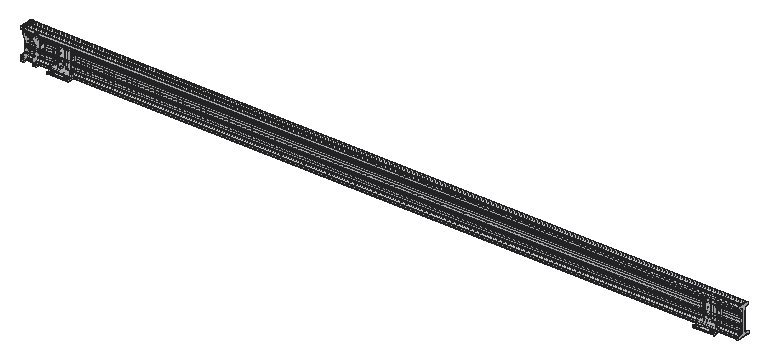
Revit family "Xbeam - 10m Beam + Brackets", category Structural Framing, Revit 2017
Family settings
  Structural Framing Length Roundoff = 0 mm
  Section Shape = Not Defined
  Material for Model Behavior = Other
  Always export as geometry = No
  Work Plane-Based = No
  Always vertical = Yes
  Cut with Voids When Loaded = No
  Symbolic Representation = From Family
  Shared = No
  Show family pre-cut in plan views = Yes
Parameters
  numero de pilares = 2  # constant formula
  Distancia maxima = (Min. Max. Primary Bearer Lenght - Min. Max. Portal spacing) - 432 mm  # 568 mm
  Min. Max. distancia a borde = if(Distancia a borde < 432 mm, 432 mm, if(Distancia a borde > Distancia maxima, Distancia maxima, Distancia a borde))  # 568 mm
  Min. Max. Primary Bearer Lenght = if(Primary Bearer Lenght < 2000 mm, 2000 mm, if(Primary Bearer Lenght > 10000 mm, 10000 mm, Primary Bearer Lenght))  # 10000 mm
  Min. Max. Portal spacing = if(Portal spacing < 500 mm, 500 mm, if(Portal spacing > (Min. Max. Primary Bearer Lenght - 1000 mm), (Min. Max. Primary Bearer Lenght - 1000 mm), Portal spacing))  # 9000 mm
  Primary Bearer Lenght = 10000 mm  # constant formula
  Portal spacing = 15000 mm
  Distancia a borde = 20000 mm
Reference planes
  plane 1 "Center (Front/Back)": y = 0
  plane 2: z = 0
  plane 3 "Center (Left/Right)": x = 0
  plane 4 "Primary Bearer Lenght": x = 10000
  plane 5: x = 1.6
  plane 6: x = 9998.4
  plane 7: x = 568
  plane 8: x = 9568
Forms (mm)
  Extrusion 1, solid
    sketch origin (0, 0, 17) x (0, 1, 0) y (0, 0, 1)
      loop
        line (-0.678, 34.308) -> (-62.78, 38.65)
        arc (-62.78, 38.65) -> (-63.292, 38.894) -> (-63.5, 39.423) r 0.774
        line (-63.5, 39.423) -> (-63.5, 43.996) -> (-64.144, 44.529) -> (-63.5, 45.004) -> (-63.5, 48.967) -> (-64.8, 47.667) -> (-64.8, 35.048) -> (-63.5, 35.048) -> (-63.5, 36.51)
        arc (-63.5, 36.51) -> (-63.296, 36.979) -> (-62.815, 37.149) r 0.64
        line (-62.815, 37.149) -> (-4.73, 33.087)
        arc (-4.73, 33.087) -> (-4.069, 32.772) -> (-3.8, 32.09) r 1
        arc (-3.8, 32.09) -> (-3.406, 30.553) -> (-2.323, 29.394) r 3.2
        arc (-2.323, 29.394) -> (-1.59, 29.462) -> (-1.474, 30.188) r 0.6
        arc (-1.474, 30.188) -> (-1.845, 30.564) -> (-2.359, 30.688) r 0.963
        arc (-2.359, 30.688) -> (-2.867, 31.704) -> (-2.446, 32.76) r 1.389
        arc (-2.446, 32.76) -> (-1.679, 32.934) -> (-1.174, 32.33) r 0.755
        arc (-1.174, 32.33) -> (-0.734, 31.492) -> (0, 32.091) r 0.611
        line (0, 32.091) -> (0, 33.581)
        arc (0, 33.581) -> (-0.196, 34.078) -> (-0.678, 34.308) r 0.728
    from 1.6 to 9998.4
  Extrusion 2, solid
    sketch origin (0, 0, 17) x (0, 1, 0) y (0, 0, 1)
      loop
        line (-3, 2.8) -> (-12.75, 2.8) -> (-52.43, 2.8)
        arc (-52.43, 2.8) -> (-53.23, 3.6) -> (-54.03, 2.8) r 0.8
        line (-54.03, 2.8) -> (-63.5, 2.8) -> (-63.5, 3.946) -> (-64.119, 4.656) -> (-63.5, 5.677) -> (-63.5, 6.477) -> (-64.03, 7.085) -> (-63.5, 7.684) -> (-63.5, 8.977) -> (-64.03, 9.585) -> (-63.5, 10.184) -> (-63.5, 11.477) -> (-64.03, 12.085) -> (-63.5, 12.684) -> (-63.5, 13.977) -> (-64.03, 14.585) -> (-63.5, 15.184) -> (-63.5, 16.477) -> (-64.03, 17.085) -> (-63.5, 17.684) -> (-63.5, 18.977) -> (-64.03, 19.585) -> (-63.5, 20.184) -> (-63.5, 21.477) -> (-64.03, 22.085) -> (-63.5, 22.684) -> (-63.5, 23.977) -> (-64.03, 24.585) -> (-63.5, 25.184) -> (-63.5, 26.477) -> (-64.03, 27.085) -> (-63.5, 27.684) -> (-63.5, 34.299)
        arc (-63.5, 34.299) -> (-63.93, 34.702) -> (-64.5, 34.848) r 1.185
        arc (-64.5, 34.848) -> (-64.854, 34.995) -> (-65, 35.348) r 0.5
        line (-65, 35.348) -> (-65, 37.776) -> (-65.5, 39.274) -> (-65.5, 41.598) -> (-65, 42.921) -> (-65, 47.75) -> (-63.5, 49.25) -> (-63.5, 50.051) -> (-65.5, 50.051) -> (-65.5, 138.65)
        arc (-65.5, 138.65) -> (-66.063, 139.383) -> (-66.917, 139.029) r 0.759
        line (-66.917, 139.029) -> (-68.3, 136.633) -> (-68.3, 132.637) -> (-67.766, 132.042) -> (-68.3, 131.439) -> (-68.3, 130.127) -> (-67.766, 129.531) -> (-68.3, 128.928) -> (-68.3, 127.616) -> (-67.766, 127.02) -> (-68.3, 126.417) -> (-68.3, 125.105) -> (-67.766, 124.509) -> (-68.3, 123.907) -> (-68.3, 122.594) -> (-67.766, 121.999) -> (-68.3, 121.396) -> (-68.3, 120.083) -> (-67.766, 119.488) -> (-68.3, 118.885) -> (-68.3, 117.573) -> (-67.766, 116.977) -> (-68.3, 116.374) -> (-68.3, 115.062) -> (-67.766, 114.466) -> (-68.3, 113.863) -> (-68.3, 111.84) -> (-68.8, 110.926) -> (-68.8, 107.393)
        arc (-68.8, 107.393) -> (-69.023, 106.856) -> (-69.56, 106.633) r 0.76
        line (-69.56, 106.633) -> (-75.665, 106.633)
        arc (-75.665, 106.633) -> (-76.156, 106.8) -> (-76.445, 107.232) r 0.808
        line (-76.445, 107.232) -> (-77.686, 111.864)
        arc (-77.686, 111.864) -> (-78.057, 112.419) -> (-78.688, 112.633) r 1.037
        line (-78.688, 112.633) -> (-91.978, 112.633)
        arc (-91.978, 112.633) -> (-92.983, 113.05) -> (-93.4, 114.055) r 1.422
        line (-93.4, 114.055) -> (-93.4, 139.541)
        arc (-93.4, 139.541) -> (-93.158, 140.125) -> (-92.574, 140.367) r 0.826
        line (-92.574, 140.367) -> (-90.789, 140.367)
        arc (-90.789, 140.367) -> (-90.313, 140.206) -> (-90.034, 139.788) r 0.781
        line (-90.034, 139.788) -> (-89.654, 138.368)
        arc (-89.654, 138.368) -> (-88.306, 137.59) -> (-87.529, 138.938) r 1.1
        line (-87.529, 138.938) -> (-88.428, 142.292)
        arc (-88.428, 142.292) -> (-88.705, 142.707) -> (-89.177, 142.867) r 0.776
        line (-89.177, 142.867) -> (-95.38, 142.867)
        arc (-95.38, 142.867) -> (-95.96, 142.627) -> (-96.2, 142.047) r 0.82
        line (-96.2, 142.047) -> (-96.2, 136.131) -> (-95.666, 135.536) -> (-96.2, 134.933) -> (-96.2, 133.62) -> (-95.666, 133.025) -> (-96.2, 132.422) -> (-96.2, 131.11) -> (-95.666, 130.514) -> (-96.2, 129.911) -> (-96.2, 128.599) -> (-95.666, 128.003) -> (-96.2, 127.4) -> (-96.2, 126.088) -> (-95.666, 125.492) -> (-96.2, 124.89) -> (-96.2, 123.577) -> (-95.666, 122.982) -> (-96.2, 122.379) -> (-96.2, 121.066) -> (-95.666, 120.471) -> (-96.2, 119.868) -> (-96.2, 118.556) -> (-95.666, 117.96) -> (-96.2, 117.357) -> (-96.2, 115.574) -> (-96.7, 114.708) -> (-96.7, 112.265)
        arc (-96.7, 112.265) -> (-96.763, 111.784) -> (-96.949, 111.335) r 1.86
        line (-96.949, 111.335) -> (-99.092, 107.625)
        arc (-99.092, 107.625) -> (-99.396, 106.889) -> (-99.5, 106.101) r 3.048
        line (-99.5, 106.101) -> (-99.5, 76.404) -> (-99.5, 50.051) -> (-101.5, 50.051) -> (-101.5, 49.25) -> (-100, 47.75) -> (-100, 42.921) -> (-99.5, 41.598) -> (-99.5, 39.274) -> (-100, 37.776) -> (-100, 35.348)
        arc (-100, 35.348) -> (-100.146, 34.995) -> (-100.5, 34.848) r 0.5
        arc (-100.5, 34.848) -> (-101.07, 34.702) -> (-101.5, 34.299) r 1.185
        line (-101.5, 34.299) -> (-101.5, 27.684) -> (-100.97, 27.085) -> (-101.5, 26.477) -> (-101.5, 25.184) -> (-100.97, 24.585) -> (-101.5, 23.977) -> (-101.5, 22.684) -> (-100.97, 22.085) -> (-101.5, 21.477) -> (-101.5, 20.184) -> (-100.97, 19.585) -> (-101.5, 18.977) -> (-101.5, 17.684) -> (-100.97, 17.085) -> (-101.5, 16.477) -> (-101.5, 15.184) -> (-100.97, 14.585) -> (-101.5, 13.977) -> (-101.5, 12.684) -> (-100.97, 12.085) -> (-101.5, 11.477) -> (-101.5, 10.184) -> (-100.97, 9.585) -> (-101.5, 8.977) -> (-101.5, 7.684) -> (-100.97, 7.085) -> (-101.5, 6.477) -> (-101.5, 5.677) -> (-100.881, 4.656) -> (-101.5, 3.946) -> (-101.5, 2.8) -> (-110.97, 2.8)
        arc (-110.97, 2.8) -> (-111.77, 3.6) -> (-112.57, 2.8) r 0.8
        line (-112.57, 2.8) -> (-152.25, 2.8) -> (-162, 2.8) -> (-162, 3.946) -> (-162.53, 4.554) -> (-162, 5.154) -> (-162, 6.446) -> (-162.53, 7.054) -> (-162, 7.654) -> (-162, 8.946) -> (-162.53, 9.554) -> (-162, 10.154) -> (-162, 11.446) -> (-162.53, 12.054) -> (-162, 12.654) -> (-162, 13.946) -> (-162.53, 14.554) -> (-162, 15.154) -> (-162, 16.446) -> (-162.53, 17.054) -> (-162, 17.654) -> (-162, 18.946) -> (-162.53, 19.554) -> (-162, 20.154) -> (-162, 21.446) -> (-162.53, 22.054) -> (-162, 22.654) -> (-162, 23.946) -> (-162.53, 24.554) -> (-162, 25.154) -> (-162, 26.446) -> (-162.53, 27.054) -> (-162, 27.654) -> (-162, 29.252) -> (-163.328, 29.252)
        arc (-163.328, 29.252) -> (-163.666, 29.906) -> (-163.302, 30.547) r 0.774
        line (-163.302, 30.547) -> (-162.484, 31.394)
        arc (-162.484, 31.394) -> (-162.779, 32.384) -> (-163.721, 31.959) r 0.686
        arc (-163.721, 31.959) -> (-163.957, 31.596) -> (-164.352, 31.418) r 0.774
        arc (-164.352, 31.418) -> (-164.815, 31.166) -> (-165, 30.671) r 0.754
        line (-165, 30.671) -> (-165, 1.941)
        arc (-165, 1.941) -> (-164.431, 0.569) -> (-163.059, 0) r 1.941
        line (-163.059, 0) -> (-82.904, 0) -> (-1.941, 0)
        arc (-1.941, 0) -> (-0.569, 0.569) -> (0, 1.941) r 1.941
        line (0, 1.941) -> (0, 30.671)
        arc (0, 30.671) -> (-0.185, 31.166) -> (-0.648, 31.418) r 0.754
        arc (-0.648, 31.418) -> (-1.043, 31.596) -> (-1.279, 31.959) r 0.774
        arc (-1.279, 31.959) -> (-2.221, 32.384) -> (-2.516, 31.394) r 0.686
        line (-2.516, 31.394) -> (-1.698, 30.547)
        arc (-1.698, 30.547) -> (-1.334, 29.906) -> (-1.672, 29.252) r 0.774
        line (-1.672, 29.252) -> (-3, 29.252) -> (-3, 27.654) -> (-2.47, 27.054) -> (-3, 26.446) -> (-3, 25.154) -> (-2.47, 24.554) -> (-3, 23.946) -> (-3, 22.654) -> (-2.47, 22.054) -> (-3, 21.446) -> (-3, 20.154) -> (-2.47, 19.554) -> (-3, 18.946) -> (-3, 17.654) -> (-2.47, 17.054) -> (-3, 16.446) -> (-3, 15.154) -> (-2.47, 14.554) -> (-3, 13.946) -> (-3, 12.654) -> (-2.47, 12.054) -> (-3, 11.446) -> (-3, 10.154) -> (-2.47, 9.554) -> (-3, 8.946) -> (-3, 7.654) -> (-2.47, 7.054) -> (-3, 6.446) -> (-3, 5.154) -> (-2.47, 4.554) -> (-3, 3.946) -> (-3, 2.8)
      loop
        line (-67.9, 27.587) -> (-68.5, 35.109) -> (-68.5, 63.008)
        arc (-68.5, 63.008) -> (-68.791, 63.709) -> (-69.492, 64) r 0.992
        line (-69.492, 64) -> (-82.904, 64) -> (-95.508, 64)
        arc (-95.508, 64) -> (-96.209, 63.709) -> (-96.5, 63.008) r 0.992
        line (-96.5, 63.008) -> (-96.5, 35.109) -> (-97.1, 27.587) -> (-97.1, 7.002)
        arc (-97.1, 7.002) -> (-96.514, 5.586) -> (-95.098, 5) r 2.002
        line (-95.098, 5) -> (-82.904, 5) -> (-69.902, 5)
        arc (-69.902, 5) -> (-68.486, 5.586) -> (-67.9, 7.002) r 2.002
        line (-67.9, 7.002) -> (-67.9, 27.587)
      loop
        arc (-69.219, 68) -> (-68.569, 68.269) -> (-68.3, 68.919) r 0.919
        line (-68.3, 68.919) -> (-68.3, 102.183)
        arc (-68.3, 102.183) -> (-68.725, 103.208) -> (-69.75, 103.633) r 1.45
        line (-69.75, 103.633) -> (-76.753, 103.633)
        arc (-76.753, 103.633) -> (-78.208, 104.127) -> (-79.061, 105.404) r 2.39
        line (-79.061, 105.404) -> (-79.901, 108.538)
        arc (-79.901, 108.538) -> (-80.429, 109.328) -> (-81.328, 109.633) r 1.478
        line (-81.328, 109.633) -> (-93.935, 109.633)
        arc (-93.935, 109.633) -> (-94.597, 109.456) -> (-95.081, 108.972) r 1.322
        line (-95.081, 108.972) -> (-96.462, 106.58)
        arc (-96.462, 106.58) -> (-96.639, 106.151) -> (-96.7, 105.691) r 1.778
        line (-96.7, 105.691) -> (-96.7, 68.919)
        arc (-96.7, 68.919) -> (-96.431, 68.269) -> (-95.781, 68) r 0.919
        line (-95.781, 68) -> (-82.904, 68) -> (-69.219, 68)
    from 1.6 to 9998.4
  Extrusion 3, solid
    sketch origin (0, -165, 17) x (0, -1, 0) y (0, 0, -1)
      loop
        arc (-0.678, -34.308) -> (-0.196, -34.078) -> (0, -33.581) r 0.728
        line (0, -33.581) -> (0, -32.091)
        arc (0, -32.091) -> (-0.734, -31.492) -> (-1.174, -32.33) r 0.611
        arc (-1.174, -32.33) -> (-1.679, -32.934) -> (-2.446, -32.76) r 0.755
        arc (-2.446, -32.76) -> (-2.867, -31.704) -> (-2.359, -30.688) r 1.389
        arc (-2.359, -30.688) -> (-1.845, -30.564) -> (-1.474, -30.188) r 0.963
        arc (-1.474, -30.188) -> (-1.59, -29.462) -> (-2.323, -29.394) r 0.6
        arc (-2.323, -29.394) -> (-3.406, -30.553) -> (-3.8, -32.09) r 3.2
        arc (-3.8, -32.09) -> (-4.069, -32.772) -> (-4.73, -33.087) r 1
        line (-4.73, -33.087) -> (-62.815, -37.149)
        arc (-62.815, -37.149) -> (-63.296, -36.979) -> (-63.5, -36.51) r 0.64
        line (-63.5, -36.51) -> (-63.5, -35.048) -> (-64.8, -35.048) -> (-64.8, -47.667) -> (-63.5, -48.967) -> (-63.5, -45.004) -> (-64.144, -44.529) -> (-63.5, -43.996) -> (-63.5, -39.423)
        arc (-63.5, -39.423) -> (-63.292, -38.894) -> (-62.78, -38.65) r 0.774
        line (-62.78, -38.65) -> (-0.678, -34.308)
    from 1.6 to 9998.4
  Extrusion 4, solid
    sketch origin (0, 0, 17) x (0, 1, 0) y (0, 0, 1)
      loop
        arc (-68.391, 220.994) -> (-68.7, 221.74) -> (-69.447, 222.049) r 1.056
        line (-69.447, 222.049) -> (-82.904, 222.049) -> (-95.549, 222.049)
        arc (-95.549, 222.049) -> (-96.293, 221.741) -> (-96.601, 220.997) r 1.053
        line (-96.601, 220.997) -> (-96.601, 178.712)
        arc (-96.601, 178.712) -> (-96.334, 178.067) -> (-95.689, 177.8) r 0.912
        line (-95.689, 177.8) -> (-69.32, 177.8)
        arc (-69.32, 177.8) -> (-68.663, 178.072) -> (-68.391, 178.729) r 0.929
        line (-68.391, 178.729) -> (-68.391, 220.994)
      loop
        line (-65.5, 143.899) -> (-65.5, 288.579)
        arc (-65.5, 288.579) -> (-66.063, 289.312) -> (-66.917, 288.959) r 0.759
        line (-66.917, 288.959) -> (-68.3, 286.562) -> (-68.3, 282.567) -> (-67.766, 281.971) -> (-68.3, 281.368) -> (-68.3, 280.056) -> (-67.766, 279.46) -> (-68.3, 278.858) -> (-68.3, 277.545) -> (-67.766, 276.95) -> (-68.3, 276.347) -> (-68.3, 275.034) -> (-67.766, 274.439) -> (-68.3, 273.836) -> (-68.3, 272.524) -> (-67.766, 271.928) -> (-68.3, 271.325) -> (-68.3, 270.013) -> (-67.766, 269.417) -> (-68.3, 268.814) -> (-68.3, 267.502) -> (-67.766, 266.906) -> (-68.3, 266.304) -> (-68.3, 264.991) -> (-67.766, 264.396) -> (-68.3, 263.793) -> (-68.3, 261.769) -> (-68.8, 260.855) -> (-68.8, 257.322)
        arc (-68.8, 257.322) -> (-69.023, 256.785) -> (-69.56, 256.562) r 0.76
        line (-69.56, 256.562) -> (-75.665, 256.562)
        arc (-75.665, 256.562) -> (-76.156, 256.729) -> (-76.445, 257.161) r 0.808
        line (-76.445, 257.161) -> (-77.686, 261.793)
        arc (-77.686, 261.793) -> (-78.057, 262.348) -> (-78.688, 262.562) r 1.037
        line (-78.688, 262.562) -> (-91.978, 262.562)
        arc (-91.978, 262.562) -> (-92.983, 262.979) -> (-93.4, 263.984) r 1.422
        line (-93.4, 263.984) -> (-93.4, 289.47)
        arc (-93.4, 289.47) -> (-93.158, 290.054) -> (-92.574, 290.296) r 0.826
        line (-92.574, 290.296) -> (-90.789, 290.296)
        arc (-90.789, 290.296) -> (-90.313, 290.135) -> (-90.034, 289.717) r 0.781
        line (-90.034, 289.717) -> (-89.654, 288.297)
        arc (-89.654, 288.297) -> (-88.306, 287.52) -> (-87.529, 288.867) r 1.1
        line (-87.529, 288.867) -> (-88.428, 292.221)
        arc (-88.428, 292.221) -> (-88.705, 292.636) -> (-89.177, 292.796) r 0.776
        line (-89.177, 292.796) -> (-95.38, 292.796)
        arc (-95.38, 292.796) -> (-95.96, 292.556) -> (-96.2, 291.976) r 0.82
        line (-96.2, 291.976) -> (-96.2, 286.061) -> (-95.666, 285.465) -> (-96.2, 284.862) -> (-96.2, 283.55) -> (-95.666, 282.954) -> (-96.2, 282.351) -> (-96.2, 281.039) -> (-95.666, 280.443) -> (-96.2, 279.841) -> (-96.2, 278.528) -> (-95.666, 277.933) -> (-96.2, 277.33) -> (-96.2, 276.017) -> (-95.666, 275.422) -> (-96.2, 274.819) -> (-96.2, 273.507) -> (-95.666, 272.911) -> (-96.2, 272.308) -> (-96.2, 270.996) -> (-95.666, 270.4) -> (-96.2, 269.797) -> (-96.2, 268.485) -> (-95.666, 267.889) -> (-96.2, 267.287) -> (-96.2, 265.503) -> (-96.7, 264.637) -> (-96.7, 262.195)
        arc (-96.7, 262.195) -> (-96.763, 261.713) -> (-96.949, 261.265) r 1.86
        line (-96.949, 261.265) -> (-99.092, 257.554)
        arc (-99.092, 257.554) -> (-99.396, 256.819) -> (-99.5, 256.03) r 3.048
        line (-99.5, 256.03) -> (-99.5, 226.333) -> (-99.5, 199.98) -> (-99.5, 111.35)
        arc (-99.5, 111.35) -> (-98.937, 110.617) -> (-98.083, 110.971) r 0.759
        line (-98.083, 110.971) -> (-96.7, 113.367) -> (-96.7, 117.363) -> (-97.234, 117.958) -> (-96.7, 118.561) -> (-96.7, 119.873) -> (-97.234, 120.469) -> (-96.7, 121.072) -> (-96.7, 122.384) -> (-97.234, 122.98) -> (-96.7, 123.583) -> (-96.7, 124.895) -> (-97.234, 125.491) -> (-96.7, 126.093) -> (-96.7, 127.406) -> (-97.234, 128.001) -> (-96.7, 128.604) -> (-96.7, 129.917) -> (-97.234, 130.512) -> (-96.7, 131.115) -> (-96.7, 132.427) -> (-97.234, 133.023) -> (-96.7, 133.626) -> (-96.7, 134.938) -> (-97.234, 135.534) -> (-96.7, 136.137) -> (-96.7, 138.16) -> (-96.2, 139.074) -> (-96.2, 142.607)
        arc (-96.2, 142.607) -> (-95.977, 143.144) -> (-95.44, 143.367) r 0.76
        line (-95.44, 143.367) -> (-89.335, 143.367)
        arc (-89.335, 143.367) -> (-88.844, 143.2) -> (-88.555, 142.768) r 0.808
        line (-88.555, 142.768) -> (-87.314, 138.136)
        arc (-87.314, 138.136) -> (-86.943, 137.581) -> (-86.312, 137.367) r 1.037
        line (-86.312, 137.367) -> (-73.022, 137.367)
        arc (-73.022, 137.367) -> (-72.017, 136.95) -> (-71.6, 135.945) r 1.422
        line (-71.6, 135.945) -> (-71.6, 110.459)
        arc (-71.6, 110.459) -> (-71.842, 109.875) -> (-72.426, 109.633) r 0.826
        line (-72.426, 109.633) -> (-74.211, 109.633)
        arc (-74.211, 109.633) -> (-74.687, 109.794) -> (-74.966, 110.212) r 0.781
        line (-74.966, 110.212) -> (-75.346, 111.632)
        arc (-75.346, 111.632) -> (-76.694, 112.41) -> (-77.471, 111.062) r 1.1
        line (-77.471, 111.062) -> (-76.572, 107.708)
        arc (-76.572, 107.708) -> (-76.295, 107.293) -> (-75.823, 107.133) r 0.776
        line (-75.823, 107.133) -> (-69.62, 107.133)
        arc (-69.62, 107.133) -> (-69.04, 107.373) -> (-68.8, 107.953) r 0.82
        line (-68.8, 107.953) -> (-68.8, 113.869) -> (-69.334, 114.464) -> (-68.8, 115.067) -> (-68.8, 116.38) -> (-69.334, 116.975) -> (-68.8, 117.578) -> (-68.8, 118.89) -> (-69.334, 119.486) -> (-68.8, 120.089) -> (-68.8, 121.401) -> (-69.334, 121.997) -> (-68.8, 122.6) -> (-68.8, 123.912) -> (-69.334, 124.508) -> (-68.8, 125.11) -> (-68.8, 126.423) -> (-69.334, 127.018) -> (-68.8, 127.621) -> (-68.8, 128.934) -> (-69.334, 129.529) -> (-68.8, 130.132) -> (-68.8, 131.444) -> (-69.334, 132.04) -> (-68.8, 132.643) -> (-68.8, 134.426) -> (-68.3, 135.292) -> (-68.3, 137.735)
        arc (-68.3, 137.735) -> (-68.237, 138.216) -> (-68.051, 138.665) r 1.86
        line (-68.051, 138.665) -> (-65.908, 142.375)
        arc (-65.908, 142.375) -> (-65.604, 143.111) -> (-65.5, 143.899) r 3.048
      loop
        arc (-69.219, 226) -> (-68.569, 226.269) -> (-68.3, 226.919) r 0.919
        line (-68.3, 226.919) -> (-68.3, 252.112)
        arc (-68.3, 252.112) -> (-68.725, 253.138) -> (-69.75, 253.562) r 1.45
        line (-69.75, 253.562) -> (-76.753, 253.562)
        arc (-76.753, 253.562) -> (-78.208, 254.056) -> (-79.061, 255.334) r 2.39
        line (-79.061, 255.334) -> (-79.901, 258.467)
        arc (-79.901, 258.467) -> (-80.429, 259.257) -> (-81.328, 259.562) r 1.478
        line (-81.328, 259.562) -> (-93.935, 259.562)
        arc (-93.935, 259.562) -> (-94.597, 259.385) -> (-95.081, 258.901) r 1.322
        line (-95.081, 258.901) -> (-96.462, 256.509)
        arc (-96.462, 256.509) -> (-96.639, 256.08) -> (-96.7, 255.62) r 1.778
        line (-96.7, 255.62) -> (-96.7, 226.919)
        arc (-96.7, 226.919) -> (-96.431, 226.269) -> (-95.781, 226) r 0.919
        line (-95.781, 226) -> (-82.904, 226) -> (-69.219, 226)
      loop
        arc (-95.743, 174) -> (-96.42, 173.72) -> (-96.7, 173.043) r 0.957
        line (-96.7, 173.043) -> (-96.7, 147.817)
        arc (-96.7, 147.817) -> (-96.275, 146.792) -> (-95.25, 146.367) r 1.45
        line (-95.25, 146.367) -> (-88.247, 146.367)
        arc (-88.247, 146.367) -> (-86.792, 145.873) -> (-85.939, 144.596) r 2.39
        line (-85.939, 144.596) -> (-85.099, 141.462)
        arc (-85.099, 141.462) -> (-84.571, 140.672) -> (-83.672, 140.367) r 1.478
        line (-83.672, 140.367) -> (-71.065, 140.367)
        arc (-71.065, 140.367) -> (-70.403, 140.544) -> (-69.919, 141.028) r 1.322
        line (-69.919, 141.028) -> (-68.538, 143.42)
        arc (-68.538, 143.42) -> (-68.361, 143.849) -> (-68.3, 144.309) r 1.778
        line (-68.3, 144.309) -> (-68.3, 173.025)
        arc (-68.3, 173.025) -> (-68.586, 173.714) -> (-69.275, 174) r 0.975
        line (-69.275, 174) -> (-95.743, 174)
    from 1.6 to 9998.4
  Extrusion 5, solid
    sketch origin (0, 0, 417) x (0, 1, 0) y (0, 0, 1)
      loop
        arc (-0.678, -34.308) -> (-0.196, -34.078) -> (0, -33.581) r 0.728
        line (0, -33.581) -> (0, -32.091)
        arc (0, -32.091) -> (-0.734, -31.492) -> (-1.174, -32.33) r 0.611
        arc (-1.174, -32.33) -> (-1.679, -32.934) -> (-2.446, -32.76) r 0.755
        arc (-2.446, -32.76) -> (-2.867, -31.704) -> (-2.359, -30.688) r 1.389
        arc (-2.359, -30.688) -> (-1.845, -30.564) -> (-1.474, -30.188) r 0.963
        arc (-1.474, -30.188) -> (-1.59, -29.462) -> (-2.323, -29.394) r 0.6
        arc (-2.323, -29.394) -> (-3.406, -30.553) -> (-3.8, -32.09) r 3.2
        arc (-3.8, -32.09) -> (-4.069, -32.772) -> (-4.73, -33.087) r 1
        line (-4.73, -33.087) -> (-62.815, -37.149)
        arc (-62.815, -37.149) -> (-63.296, -36.979) -> (-63.5, -36.51) r 0.64
        line (-63.5, -36.51) -> (-63.5, -35.048) -> (-64.8, -35.048) -> (-64.8, -47.667) -> (-63.5, -48.967) -> (-63.5, -45.004) -> (-64.144, -44.529) -> (-63.5, -43.996) -> (-63.5, -39.423)
        arc (-63.5, -39.423) -> (-63.292, -38.894) -> (-62.78, -38.65) r 0.774
        line (-62.78, -38.65) -> (-0.678, -34.308)
    from 1.6 to 9998.4
  Extrusion 6, solid
    sketch origin (0, -165, 417) x (0, -1, 0) y (0, 0, -1)
      loop
        line (-0.678, 34.308) -> (-62.78, 38.65)
        arc (-62.78, 38.65) -> (-63.292, 38.894) -> (-63.5, 39.423) r 0.774
        line (-63.5, 39.423) -> (-63.5, 43.996) -> (-64.144, 44.529) -> (-63.5, 45.004) -> (-63.5, 48.967) -> (-64.8, 47.667) -> (-64.8, 35.048) -> (-63.5, 35.048) -> (-63.5, 36.51)
        arc (-63.5, 36.51) -> (-63.296, 36.979) -> (-62.815, 37.149) r 0.64
        line (-62.815, 37.149) -> (-4.73, 33.087)
        arc (-4.73, 33.087) -> (-4.069, 32.772) -> (-3.8, 32.09) r 1
        arc (-3.8, 32.09) -> (-3.406, 30.553) -> (-2.323, 29.394) r 3.2
        arc (-2.323, 29.394) -> (-1.59, 29.462) -> (-1.474, 30.188) r 0.6
        arc (-1.474, 30.188) -> (-1.845, 30.564) -> (-2.359, 30.688) r 0.963
        arc (-2.359, 30.688) -> (-2.867, 31.704) -> (-2.446, 32.76) r 1.389
        arc (-2.446, 32.76) -> (-1.679, 32.934) -> (-1.174, 32.33) r 0.755
        arc (-1.174, 32.33) -> (-0.734, 31.492) -> (0, 32.091) r 0.611
        line (0, 32.091) -> (0, 33.581)
        arc (0, 33.581) -> (-0.196, 34.078) -> (-0.678, 34.308) r 0.728
    from 1.6 to 9998.4
  Extrusion 7, solid
    sketch origin (490, -165, 417) x (0, -1, 0) y (0, 0, -1)
      loop
        line (-3, 2.8) -> (-12.75, 2.8) -> (-52.43, 2.8)
        arc (-52.43, 2.8) -> (-53.23, 3.6) -> (-54.03, 2.8) r 0.8
        line (-54.03, 2.8) -> (-63.5, 2.8) -> (-63.5, 3.946) -> (-64.119, 4.656) -> (-63.5, 5.677) -> (-63.5, 6.477) -> (-64.03, 7.085) -> (-63.5, 7.684) -> (-63.5, 8.977) -> (-64.03, 9.585) -> (-63.5, 10.184) -> (-63.5, 11.477) -> (-64.03, 12.085) -> (-63.5, 12.684) -> (-63.5, 13.977) -> (-64.03, 14.585) -> (-63.5, 15.184) -> (-63.5, 16.477) -> (-64.03, 17.085) -> (-63.5, 17.684) -> (-63.5, 18.977) -> (-64.03, 19.585) -> (-63.5, 20.184) -> (-63.5, 21.477) -> (-64.03, 22.085) -> (-63.5, 22.684) -> (-63.5, 23.977) -> (-64.03, 24.585) -> (-63.5, 25.184) -> (-63.5, 26.477) -> (-64.03, 27.085) -> (-63.5, 27.684) -> (-63.5, 34.299)
        arc (-63.5, 34.299) -> (-63.93, 34.702) -> (-64.5, 34.848) r 1.185
        arc (-64.5, 34.848) -> (-64.854, 34.995) -> (-65, 35.348) r 0.5
        line (-65, 35.348) -> (-65, 37.776) -> (-65.5, 39.274) -> (-65.5, 41.598) -> (-65, 42.921) -> (-65, 47.75) -> (-63.5, 49.25) -> (-63.5, 50.051) -> (-65.5, 50.051) -> (-65.5, 138.65)
        arc (-65.5, 138.65) -> (-66.063, 139.383) -> (-66.917, 139.029) r 0.759
        line (-66.917, 139.029) -> (-68.3, 136.633) -> (-68.3, 132.637) -> (-67.766, 132.042) -> (-68.3, 131.439) -> (-68.3, 130.127) -> (-67.766, 129.531) -> (-68.3, 128.928) -> (-68.3, 127.616) -> (-67.766, 127.02) -> (-68.3, 126.417) -> (-68.3, 125.105) -> (-67.766, 124.509) -> (-68.3, 123.907) -> (-68.3, 122.594) -> (-67.766, 121.999) -> (-68.3, 121.396) -> (-68.3, 120.083) -> (-67.766, 119.488) -> (-68.3, 118.885) -> (-68.3, 117.573) -> (-67.766, 116.977) -> (-68.3, 116.374) -> (-68.3, 115.062) -> (-67.766, 114.466) -> (-68.3, 113.863) -> (-68.3, 111.84) -> (-68.8, 110.926) -> (-68.8, 107.393)
        arc (-68.8, 107.393) -> (-69.023, 106.856) -> (-69.56, 106.633) r 0.76
        line (-69.56, 106.633) -> (-75.665, 106.633)
        arc (-75.665, 106.633) -> (-76.156, 106.8) -> (-76.445, 107.232) r 0.808
        line (-76.445, 107.232) -> (-77.686, 111.864)
        arc (-77.686, 111.864) -> (-78.057, 112.419) -> (-78.688, 112.633) r 1.037
        line (-78.688, 112.633) -> (-91.978, 112.633)
        arc (-91.978, 112.633) -> (-92.983, 113.05) -> (-93.4, 114.055) r 1.422
        line (-93.4, 114.055) -> (-93.4, 139.541)
        arc (-93.4, 139.541) -> (-93.158, 140.125) -> (-92.574, 140.367) r 0.826
        line (-92.574, 140.367) -> (-90.789, 140.367)
        arc (-90.789, 140.367) -> (-90.313, 140.206) -> (-90.034, 139.788) r 0.781
        line (-90.034, 139.788) -> (-89.654, 138.368)
        arc (-89.654, 138.368) -> (-88.306, 137.59) -> (-87.529, 138.938) r 1.1
        line (-87.529, 138.938) -> (-88.428, 142.292)
        arc (-88.428, 142.292) -> (-88.705, 142.707) -> (-89.177, 142.867) r 0.776
        line (-89.177, 142.867) -> (-95.38, 142.867)
        arc (-95.38, 142.867) -> (-95.96, 142.627) -> (-96.2, 142.047) r 0.82
        line (-96.2, 142.047) -> (-96.2, 136.131) -> (-95.666, 135.536) -> (-96.2, 134.933) -> (-96.2, 133.62) -> (-95.666, 133.025) -> (-96.2, 132.422) -> (-96.2, 131.11) -> (-95.666, 130.514) -> (-96.2, 129.911) -> (-96.2, 128.599) -> (-95.666, 128.003) -> (-96.2, 127.4) -> (-96.2, 126.088) -> (-95.666, 125.492) -> (-96.2, 124.89) -> (-96.2, 123.577) -> (-95.666, 122.982) -> (-96.2, 122.379) -> (-96.2, 121.066) -> (-95.666, 120.471) -> (-96.2, 119.868) -> (-96.2, 118.556) -> (-95.666, 117.96) -> (-96.2, 117.357) -> (-96.2, 115.574) -> (-96.7, 114.708) -> (-96.7, 112.265)
        arc (-96.7, 112.265) -> (-96.763, 111.784) -> (-96.949, 111.335) r 1.86
        line (-96.949, 111.335) -> (-99.092, 107.625)
        arc (-99.092, 107.625) -> (-99.396, 106.889) -> (-99.5, 106.101) r 3.048
        line (-99.5, 106.101) -> (-99.5, 76.404) -> (-99.5, 50.051) -> (-101.5, 50.051) -> (-101.5, 49.25) -> (-100, 47.75) -> (-100, 42.921) -> (-99.5, 41.598) -> (-99.5, 39.274) -> (-100, 37.776) -> (-100, 35.348)
        arc (-100, 35.348) -> (-100.146, 34.995) -> (-100.5, 34.848) r 0.5
        arc (-100.5, 34.848) -> (-101.07, 34.702) -> (-101.5, 34.299) r 1.185
        line (-101.5, 34.299) -> (-101.5, 27.684) -> (-100.97, 27.085) -> (-101.5, 26.477) -> (-101.5, 25.184) -> (-100.97, 24.585) -> (-101.5, 23.977) -> (-101.5, 22.684) -> (-100.97, 22.085) -> (-101.5, 21.477) -> (-101.5, 20.184) -> (-100.97, 19.585) -> (-101.5, 18.977) -> (-101.5, 17.684) -> (-100.97, 17.085) -> (-101.5, 16.477) -> (-101.5, 15.184) -> (-100.97, 14.585) -> (-101.5, 13.977) -> (-101.5, 12.684) -> (-100.97, 12.085) -> (-101.5, 11.477) -> (-101.5, 10.184) -> (-100.97, 9.585) -> (-101.5, 8.977) -> (-101.5, 7.684) -> (-100.97, 7.085) -> (-101.5, 6.477) -> (-101.5, 5.677) -> (-100.881, 4.656) -> (-101.5, 3.946) -> (-101.5, 2.8) -> (-110.97, 2.8)
        arc (-110.97, 2.8) -> (-111.77, 3.6) -> (-112.57, 2.8) r 0.8
        line (-112.57, 2.8) -> (-152.25, 2.8) -> (-162, 2.8) -> (-162, 3.946) -> (-162.53, 4.554) -> (-162, 5.154) -> (-162, 6.446) -> (-162.53, 7.054) -> (-162, 7.654) -> (-162, 8.946) -> (-162.53, 9.554) -> (-162, 10.154) -> (-162, 11.446) -> (-162.53, 12.054) -> (-162, 12.654) -> (-162, 13.946) -> (-162.53, 14.554) -> (-162, 15.154) -> (-162, 16.446) -> (-162.53, 17.054) -> (-162, 17.654) -> (-162, 18.946) -> (-162.53, 19.554) -> (-162, 20.154) -> (-162, 21.446) -> (-162.53, 22.054) -> (-162, 22.654) -> (-162, 23.946) -> (-162.53, 24.554) -> (-162, 25.154) -> (-162, 26.446) -> (-162.53, 27.054) -> (-162, 27.654) -> (-162, 29.252) -> (-163.328, 29.252)
        arc (-163.328, 29.252) -> (-163.666, 29.906) -> (-163.302, 30.547) r 0.774
        line (-163.302, 30.547) -> (-162.484, 31.394)
        arc (-162.484, 31.394) -> (-162.779, 32.384) -> (-163.721, 31.959) r 0.686
        arc (-163.721, 31.959) -> (-163.957, 31.596) -> (-164.352, 31.418) r 0.774
        arc (-164.352, 31.418) -> (-164.815, 31.166) -> (-165, 30.671) r 0.754
        line (-165, 30.671) -> (-165, 1.941)
        arc (-165, 1.941) -> (-164.431, 0.569) -> (-163.059, 0) r 1.941
        line (-163.059, 0) -> (-82.904, 0) -> (-1.941, 0)
        arc (-1.941, 0) -> (-0.569, 0.569) -> (0, 1.941) r 1.941
        line (0, 1.941) -> (0, 30.671)
        arc (0, 30.671) -> (-0.185, 31.166) -> (-0.648, 31.418) r 0.754
        arc (-0.648, 31.418) -> (-1.043, 31.596) -> (-1.279, 31.959) r 0.774
        arc (-1.279, 31.959) -> (-2.221, 32.384) -> (-2.516, 31.394) r 0.686
        line (-2.516, 31.394) -> (-1.698, 30.547)
        arc (-1.698, 30.547) -> (-1.334, 29.906) -> (-1.672, 29.252) r 0.774
        line (-1.672, 29.252) -> (-3, 29.252) -> (-3, 27.654) -> (-2.47, 27.054) -> (-3, 26.446) -> (-3, 25.154) -> (-2.47, 24.554) -> (-3, 23.946) -> (-3, 22.654) -> (-2.47, 22.054) -> (-3, 21.446) -> (-3, 20.154) -> (-2.47, 19.554) -> (-3, 18.946) -> (-3, 17.654) -> (-2.47, 17.054) -> (-3, 16.446) -> (-3, 15.154) -> (-2.47, 14.554) -> (-3, 13.946) -> (-3, 12.654) -> (-2.47, 12.054) -> (-3, 11.446) -> (-3, 10.154) -> (-2.47, 9.554) -> (-3, 8.946) -> (-3, 7.654) -> (-2.47, 7.054) -> (-3, 6.446) -> (-3, 5.154) -> (-2.47, 4.554) -> (-3, 3.946) -> (-3, 2.8)
      loop
        line (-67.9, 27.587) -> (-68.5, 35.109) -> (-68.5, 63.008)
        arc (-68.5, 63.008) -> (-68.791, 63.709) -> (-69.492, 64) r 0.992
        line (-69.492, 64) -> (-82.904, 64) -> (-95.508, 64)
        arc (-95.508, 64) -> (-96.209, 63.709) -> (-96.5, 63.008) r 0.992
        line (-96.5, 63.008) -> (-96.5, 35.109) -> (-97.1, 27.587) -> (-97.1, 7.002)
        arc (-97.1, 7.002) -> (-96.514, 5.586) -> (-95.098, 5) r 2.002
        line (-95.098, 5) -> (-82.904, 5) -> (-69.902, 5)
        arc (-69.902, 5) -> (-68.486, 5.586) -> (-67.9, 7.002) r 2.002
        line (-67.9, 7.002) -> (-67.9, 27.587)
      loop
        arc (-69.219, 68) -> (-68.569, 68.269) -> (-68.3, 68.919) r 0.919
        line (-68.3, 68.919) -> (-68.3, 102.183)
        arc (-68.3, 102.183) -> (-68.725, 103.208) -> (-69.75, 103.633) r 1.45
        line (-69.75, 103.633) -> (-76.753, 103.633)
        arc (-76.753, 103.633) -> (-78.208, 104.127) -> (-79.061, 105.404) r 2.39
        line (-79.061, 105.404) -> (-79.901, 108.538)
        arc (-79.901, 108.538) -> (-80.429, 109.328) -> (-81.328, 109.633) r 1.478
        line (-81.328, 109.633) -> (-93.935, 109.633)
        arc (-93.935, 109.633) -> (-94.597, 109.456) -> (-95.081, 108.972) r 1.322
        line (-95.081, 108.972) -> (-96.462, 106.58)
        arc (-96.462, 106.58) -> (-96.639, 106.151) -> (-96.7, 105.691) r 1.778
        line (-96.7, 105.691) -> (-96.7, 68.919)
        arc (-96.7, 68.919) -> (-96.431, 68.269) -> (-95.781, 68) r 0.919
        line (-95.781, 68) -> (-82.904, 68) -> (-69.219, 68)
    from -488.4 to 9508.4
  Extrusion 8, solid, not visible
    sketch origin (0, 0, 0) x (1, 0, 0) y (0, 1, 0)
      loop
        line (500.767, 409.35) -> (382.467, 291.051) -> (697.606, 235.483) -> (651.018, 409.35) -> (500.767, 409.35)
    from 0 to 250
  Extrusion 9, solid, not visible
    sketch origin (-7.408, 84.677, 0) x (1, 0, 0) y (0, 1, 0)
      loop
        line (445.825, 324.673) -> (571.531, 324.673) -> (571.531, 480.432) -> (641.531, 480.432) -> (627.098, 455.432) -> (652.098, 455.432) -> (663.09, 517.773) -> (528.09, 517.773) -> (445.825, 324.673)
    from 0 to 250
  Extrusion 10, solid, not visible
    sketch origin (0, 0, 0) x (0, 1, 0) y (0, 0, 1)
      loop
        line (-0.678, 34.308) -> (-62.78, 38.65)
        arc (-62.78, 38.65) -> (-63.292, 38.894) -> (-63.5, 39.423) r 0.774
        line (-63.5, 39.423) -> (-63.5, 43.996) -> (-64.144, 44.529) -> (-63.5, 45.004) -> (-63.5, 48.967) -> (-64.8, 47.667) -> (-64.8, 35.048) -> (-63.5, 35.048) -> (-63.5, 36.51)
        arc (-63.5, 36.51) -> (-63.296, 36.979) -> (-62.815, 37.149) r 0.64
        line (-62.815, 37.149) -> (-4.73, 33.087)
        arc (-4.73, 33.087) -> (-4.069, 32.772) -> (-3.8, 32.09) r 1
        arc (-3.8, 32.09) -> (-3.406, 30.553) -> (-2.323, 29.394) r 3.2
        arc (-2.323, 29.394) -> (-1.59, 29.462) -> (-1.474, 30.188) r 0.6
        arc (-1.474, 30.188) -> (-1.845, 30.564) -> (-2.359, 30.688) r 0.963
        arc (-2.359, 30.688) -> (-2.867, 31.704) -> (-2.446, 32.76) r 1.389
        arc (-2.446, 32.76) -> (-1.679, 32.934) -> (-1.174, 32.33) r 0.755
        arc (-1.174, 32.33) -> (-0.734, 31.492) -> (0, 32.091) r 0.611
        line (0, 32.091) -> (0, 33.581)
        arc (0, 33.581) -> (-0.196, 34.078) -> (-0.678, 34.308) r 0.728
    from 1.6 to 1508.4
  Extrusion 11, solid, not visible
    sketch origin (0, 0, 0) x (0, 1, 0) y (0, 0, 1)
      loop
        line (-3, 2.8) -> (-12.75, 2.8) -> (-52.43, 2.8)
        arc (-52.43, 2.8) -> (-53.23, 3.6) -> (-54.03, 2.8) r 0.8
        line (-54.03, 2.8) -> (-63.5, 2.8) -> (-63.5, 3.946) -> (-64.119, 4.656) -> (-63.5, 5.677) -> (-63.5, 6.477) -> (-64.03, 7.085) -> (-63.5, 7.684) -> (-63.5, 8.977) -> (-64.03, 9.585) -> (-63.5, 10.184) -> (-63.5, 11.477) -> (-64.03, 12.085) -> (-63.5, 12.684) -> (-63.5, 13.977) -> (-64.03, 14.585) -> (-63.5, 15.184) -> (-63.5, 16.477) -> (-64.03, 17.085) -> (-63.5, 17.684) -> (-63.5, 18.977) -> (-64.03, 19.585) -> (-63.5, 20.184) -> (-63.5, 21.477) -> (-64.03, 22.085) -> (-63.5, 22.684) -> (-63.5, 23.977) -> (-64.03, 24.585) -> (-63.5, 25.184) -> (-63.5, 26.477) -> (-64.03, 27.085) -> (-63.5, 27.684) -> (-63.5, 34.299)
        arc (-63.5, 34.299) -> (-63.93, 34.702) -> (-64.5, 34.848) r 1.185
        arc (-64.5, 34.848) -> (-64.854, 34.995) -> (-65, 35.348) r 0.5
        line (-65, 35.348) -> (-65, 37.776) -> (-65.5, 39.274) -> (-65.5, 41.598) -> (-65, 42.921) -> (-65, 47.75) -> (-63.5, 49.25) -> (-63.5, 50.051) -> (-65.5, 50.051) -> (-65.5, 138.65)
        arc (-65.5, 138.65) -> (-66.063, 139.383) -> (-66.917, 139.029) r 0.759
        line (-66.917, 139.029) -> (-68.3, 136.633) -> (-68.3, 132.637) -> (-67.766, 132.042) -> (-68.3, 131.439) -> (-68.3, 130.127) -> (-67.766, 129.531) -> (-68.3, 128.928) -> (-68.3, 127.616) -> (-67.766, 127.02) -> (-68.3, 126.417) -> (-68.3, 125.105) -> (-67.766, 124.509) -> (-68.3, 123.907) -> (-68.3, 122.594) -> (-67.766, 121.999) -> (-68.3, 121.396) -> (-68.3, 120.083) -> (-67.766, 119.488) -> (-68.3, 118.885) -> (-68.3, 117.573) -> (-67.766, 116.977) -> (-68.3, 116.374) -> (-68.3, 115.062) -> (-67.766, 114.466) -> (-68.3, 113.863) -> (-68.3, 111.84) -> (-68.8, 110.926) -> (-68.8, 107.393)
        arc (-68.8, 107.393) -> (-69.023, 106.856) -> (-69.56, 106.633) r 0.76
        line (-69.56, 106.633) -> (-75.665, 106.633)
        arc (-75.665, 106.633) -> (-76.156, 106.8) -> (-76.445, 107.232) r 0.808
        line (-76.445, 107.232) -> (-77.686, 111.864)
        arc (-77.686, 111.864) -> (-78.057, 112.419) -> (-78.688, 112.633) r 1.037
        line (-78.688, 112.633) -> (-91.978, 112.633)
        arc (-91.978, 112.633) -> (-92.983, 113.05) -> (-93.4, 114.055) r 1.422
        line (-93.4, 114.055) -> (-93.4, 139.541)
        arc (-93.4, 139.541) -> (-93.158, 140.125) -> (-92.574, 140.367) r 0.826
        line (-92.574, 140.367) -> (-90.789, 140.367)
        arc (-90.789, 140.367) -> (-90.313, 140.206) -> (-90.034, 139.788) r 0.781
        line (-90.034, 139.788) -> (-89.654, 138.368)
        arc (-89.654, 138.368) -> (-88.306, 137.59) -> (-87.529, 138.938) r 1.1
        line (-87.529, 138.938) -> (-88.428, 142.292)
        arc (-88.428, 142.292) -> (-88.705, 142.707) -> (-89.177, 142.867) r 0.776
        line (-89.177, 142.867) -> (-95.38, 142.867)
        arc (-95.38, 142.867) -> (-95.96, 142.627) -> (-96.2, 142.047) r 0.82
        line (-96.2, 142.047) -> (-96.2, 136.131) -> (-95.666, 135.536) -> (-96.2, 134.933) -> (-96.2, 133.62) -> (-95.666, 133.025) -> (-96.2, 132.422) -> (-96.2, 131.11) -> (-95.666, 130.514) -> (-96.2, 129.911) -> (-96.2, 128.599) -> (-95.666, 128.003) -> (-96.2, 127.4) -> (-96.2, 126.088) -> (-95.666, 125.492) -> (-96.2, 124.89) -> (-96.2, 123.577) -> (-95.666, 122.982) -> (-96.2, 122.379) -> (-96.2, 121.066) -> (-95.666, 120.471) -> (-96.2, 119.868) -> (-96.2, 118.556) -> (-95.666, 117.96) -> (-96.2, 117.357) -> (-96.2, 115.574) -> (-96.7, 114.708) -> (-96.7, 112.265)
        arc (-96.7, 112.265) -> (-96.763, 111.784) -> (-96.949, 111.335) r 1.86
        line (-96.949, 111.335) -> (-99.092, 107.625)
        arc (-99.092, 107.625) -> (-99.396, 106.889) -> (-99.5, 106.101) r 3.048
        line (-99.5, 106.101) -> (-99.5, 76.404) -> (-99.5, 50.051) -> (-101.5, 50.051) -> (-101.5, 49.25) -> (-100, 47.75) -> (-100, 42.921) -> (-99.5, 41.598) -> (-99.5, 39.274) -> (-100, 37.776) -> (-100, 35.348)
        arc (-100, 35.348) -> (-100.146, 34.995) -> (-100.5, 34.848) r 0.5
        arc (-100.5, 34.848) -> (-101.07, 34.702) -> (-101.5, 34.299) r 1.185
        line (-101.5, 34.299) -> (-101.5, 27.684) -> (-100.97, 27.085) -> (-101.5, 26.477) -> (-101.5, 25.184) -> (-100.97, 24.585) -> (-101.5, 23.977) -> (-101.5, 22.684) -> (-100.97, 22.085) -> (-101.5, 21.477) -> (-101.5, 20.184) -> (-100.97, 19.585) -> (-101.5, 18.977) -> (-101.5, 17.684) -> (-100.97, 17.085) -> (-101.5, 16.477) -> (-101.5, 15.184) -> (-100.97, 14.585) -> (-101.5, 13.977) -> (-101.5, 12.684) -> (-100.97, 12.085) -> (-101.5, 11.477) -> (-101.5, 10.184) -> (-100.97, 9.585) -> (-101.5, 8.977) -> (-101.5, 7.684) -> (-100.97, 7.085) -> (-101.5, 6.477) -> (-101.5, 5.677) -> (-100.881, 4.656) -> (-101.5, 3.946) -> (-101.5, 2.8) -> (-110.97, 2.8)
        arc (-110.97, 2.8) -> (-111.77, 3.6) -> (-112.57, 2.8) r 0.8
        line (-112.57, 2.8) -> (-152.25, 2.8) -> (-162, 2.8) -> (-162, 3.946) -> (-162.53, 4.554) -> (-162, 5.154) -> (-162, 6.446) -> (-162.53, 7.054) -> (-162, 7.654) -> (-162, 8.946) -> (-162.53, 9.554) -> (-162, 10.154) -> (-162, 11.446) -> (-162.53, 12.054) -> (-162, 12.654) -> (-162, 13.946) -> (-162.53, 14.554) -> (-162, 15.154) -> (-162, 16.446) -> (-162.53, 17.054) -> (-162, 17.654) -> (-162, 18.946) -> (-162.53, 19.554) -> (-162, 20.154) -> (-162, 21.446) -> (-162.53, 22.054) -> (-162, 22.654) -> (-162, 23.946) -> (-162.53, 24.554) -> (-162, 25.154) -> (-162, 26.446) -> (-162.53, 27.054) -> (-162, 27.654) -> (-162, 29.252) -> (-163.328, 29.252)
        arc (-163.328, 29.252) -> (-163.666, 29.906) -> (-163.302, 30.547) r 0.774
        line (-163.302, 30.547) -> (-162.484, 31.394)
        arc (-162.484, 31.394) -> (-162.779, 32.384) -> (-163.721, 31.959) r 0.686
        arc (-163.721, 31.959) -> (-163.957, 31.596) -> (-164.352, 31.418) r 0.774
        arc (-164.352, 31.418) -> (-164.815, 31.166) -> (-165, 30.671) r 0.754
        line (-165, 30.671) -> (-165, 1.941)
        arc (-165, 1.941) -> (-164.431, 0.569) -> (-163.059, 0) r 1.941
        line (-163.059, 0) -> (-82.904, 0) -> (-1.941, 0)
        arc (-1.941, 0) -> (-0.569, 0.569) -> (0, 1.941) r 1.941
        line (0, 1.941) -> (0, 30.671)
        arc (0, 30.671) -> (-0.185, 31.166) -> (-0.648, 31.418) r 0.754
        arc (-0.648, 31.418) -> (-1.043, 31.596) -> (-1.279, 31.959) r 0.774
        arc (-1.279, 31.959) -> (-2.221, 32.384) -> (-2.516, 31.394) r 0.686
        line (-2.516, 31.394) -> (-1.698, 30.547)
        arc (-1.698, 30.547) -> (-1.334, 29.906) -> (-1.672, 29.252) r 0.774
        line (-1.672, 29.252) -> (-3, 29.252) -> (-3, 27.654) -> (-2.47, 27.054) -> (-3, 26.446) -> (-3, 25.154) -> (-2.47, 24.554) -> (-3, 23.946) -> (-3, 22.654) -> (-2.47, 22.054) -> (-3, 21.446) -> (-3, 20.154) -> (-2.47, 19.554) -> (-3, 18.946) -> (-3, 17.654) -> (-2.47, 17.054) -> (-3, 16.446) -> (-3, 15.154) -> (-2.47, 14.554) -> (-3, 13.946) -> (-3, 12.654) -> (-2.47, 12.054) -> (-3, 11.446) -> (-3, 10.154) -> (-2.47, 9.554) -> (-3, 8.946) -> (-3, 7.654) -> (-2.47, 7.054) -> (-3, 6.446) -> (-3, 5.154) -> (-2.47, 4.554) -> (-3, 3.946) -> (-3, 2.8)
      loop
        line (-67.9, 27.587) -> (-68.5, 35.109) -> (-68.5, 63.008)
        arc (-68.5, 63.008) -> (-68.791, 63.709) -> (-69.492, 64) r 0.992
        line (-69.492, 64) -> (-82.904, 64) -> (-95.508, 64)
        arc (-95.508, 64) -> (-96.209, 63.709) -> (-96.5, 63.008) r 0.992
        line (-96.5, 63.008) -> (-96.5, 35.109) -> (-97.1, 27.587) -> (-97.1, 7.002)
        arc (-97.1, 7.002) -> (-96.514, 5.586) -> (-95.098, 5) r 2.002
        line (-95.098, 5) -> (-82.904, 5) -> (-69.902, 5)
        arc (-69.902, 5) -> (-68.486, 5.586) -> (-67.9, 7.002) r 2.002
        line (-67.9, 7.002) -> (-67.9, 27.587)
      loop
        arc (-69.219, 68) -> (-68.569, 68.269) -> (-68.3, 68.919) r 0.919
        line (-68.3, 68.919) -> (-68.3, 102.183)
        arc (-68.3, 102.183) -> (-68.725, 103.208) -> (-69.75, 103.633) r 1.45
        line (-69.75, 103.633) -> (-76.753, 103.633)
        arc (-76.753, 103.633) -> (-78.208, 104.127) -> (-79.061, 105.404) r 2.39
        line (-79.061, 105.404) -> (-79.901, 108.538)
        arc (-79.901, 108.538) -> (-80.429, 109.328) -> (-81.328, 109.633) r 1.478
        line (-81.328, 109.633) -> (-93.935, 109.633)
        arc (-93.935, 109.633) -> (-94.597, 109.456) -> (-95.081, 108.972) r 1.322
        line (-95.081, 108.972) -> (-96.462, 106.58)
        arc (-96.462, 106.58) -> (-96.639, 106.151) -> (-96.7, 105.691) r 1.778
        line (-96.7, 105.691) -> (-96.7, 68.919)
        arc (-96.7, 68.919) -> (-96.431, 68.269) -> (-95.781, 68) r 0.919
        line (-95.781, 68) -> (-82.904, 68) -> (-69.219, 68)
    from 1.6 to 1508.4
  Extrusion 12, solid, not visible
    sketch origin (0, -165, 0) x (0, -1, 0) y (0, 0, -1)
      loop
        arc (-0.678, -34.308) -> (-0.196, -34.078) -> (0, -33.581) r 0.728
        line (0, -33.581) -> (0, -32.091)
        arc (0, -32.091) -> (-0.734, -31.492) -> (-1.174, -32.33) r 0.611
        arc (-1.174, -32.33) -> (-1.679, -32.934) -> (-2.446, -32.76) r 0.755
        arc (-2.446, -32.76) -> (-2.867, -31.704) -> (-2.359, -30.688) r 1.389
        arc (-2.359, -30.688) -> (-1.845, -30.564) -> (-1.474, -30.188) r 0.963
        arc (-1.474, -30.188) -> (-1.59, -29.462) -> (-2.323, -29.394) r 0.6
        arc (-2.323, -29.394) -> (-3.406, -30.553) -> (-3.8, -32.09) r 3.2
        arc (-3.8, -32.09) -> (-4.069, -32.772) -> (-4.73, -33.087) r 1
        line (-4.73, -33.087) -> (-62.815, -37.149)
        arc (-62.815, -37.149) -> (-63.296, -36.979) -> (-63.5, -36.51) r 0.64
        line (-63.5, -36.51) -> (-63.5, -35.048) -> (-64.8, -35.048) -> (-64.8, -47.667) -> (-63.5, -48.967) -> (-63.5, -45.004) -> (-64.144, -44.529) -> (-63.5, -43.996) -> (-63.5, -39.423)
        arc (-63.5, -39.423) -> (-63.292, -38.894) -> (-62.78, -38.65) r 0.774
        line (-62.78, -38.65) -> (-0.678, -34.308)
    from 1.6 to 1508.4
  Extrusion 13, solid, not visible
    sketch origin (0, 0, 0) x (0, 1, 0) y (0, 0, 1)
      loop
        arc (-68.391, 220.994) -> (-68.7, 221.74) -> (-69.447, 222.049) r 1.056
        line (-69.447, 222.049) -> (-82.904, 222.049) -> (-95.549, 222.049)
        arc (-95.549, 222.049) -> (-96.293, 221.741) -> (-96.601, 220.997) r 1.053
        line (-96.601, 220.997) -> (-96.601, 178.712)
        arc (-96.601, 178.712) -> (-96.334, 178.067) -> (-95.689, 177.8) r 0.912
        line (-95.689, 177.8) -> (-69.32, 177.8)
        arc (-69.32, 177.8) -> (-68.663, 178.072) -> (-68.391, 178.729) r 0.929
        line (-68.391, 178.729) -> (-68.391, 220.994)
      loop
        line (-65.5, 143.899) -> (-65.5, 288.579)
        arc (-65.5, 288.579) -> (-66.063, 289.312) -> (-66.917, 288.959) r 0.759
        line (-66.917, 288.959) -> (-68.3, 286.562) -> (-68.3, 282.567) -> (-67.766, 281.971) -> (-68.3, 281.368) -> (-68.3, 280.056) -> (-67.766, 279.46) -> (-68.3, 278.858) -> (-68.3, 277.545) -> (-67.766, 276.95) -> (-68.3, 276.347) -> (-68.3, 275.034) -> (-67.766, 274.439) -> (-68.3, 273.836) -> (-68.3, 272.524) -> (-67.766, 271.928) -> (-68.3, 271.325) -> (-68.3, 270.013) -> (-67.766, 269.417) -> (-68.3, 268.814) -> (-68.3, 267.502) -> (-67.766, 266.906) -> (-68.3, 266.304) -> (-68.3, 264.991) -> (-67.766, 264.396) -> (-68.3, 263.793) -> (-68.3, 261.769) -> (-68.8, 260.855) -> (-68.8, 257.322)
        arc (-68.8, 257.322) -> (-69.023, 256.785) -> (-69.56, 256.562) r 0.76
        line (-69.56, 256.562) -> (-75.665, 256.562)
        arc (-75.665, 256.562) -> (-76.156, 256.729) -> (-76.445, 257.161) r 0.808
        line (-76.445, 257.161) -> (-77.686, 261.793)
        arc (-77.686, 261.793) -> (-78.057, 262.348) -> (-78.688, 262.562) r 1.037
        line (-78.688, 262.562) -> (-91.978, 262.562)
        arc (-91.978, 262.562) -> (-92.983, 262.979) -> (-93.4, 263.984) r 1.422
        line (-93.4, 263.984) -> (-93.4, 289.47)
        arc (-93.4, 289.47) -> (-93.158, 290.054) -> (-92.574, 290.296) r 0.826
        line (-92.574, 290.296) -> (-90.789, 290.296)
        arc (-90.789, 290.296) -> (-90.313, 290.135) -> (-90.034, 289.717) r 0.781
        line (-90.034, 289.717) -> (-89.654, 288.297)
        arc (-89.654, 288.297) -> (-88.306, 287.52) -> (-87.529, 288.867) r 1.1
        line (-87.529, 288.867) -> (-88.428, 292.221)
        arc (-88.428, 292.221) -> (-88.705, 292.636) -> (-89.177, 292.796) r 0.776
        line (-89.177, 292.796) -> (-95.38, 292.796)
        arc (-95.38, 292.796) -> (-95.96, 292.556) -> (-96.2, 291.976) r 0.82
        line (-96.2, 291.976) -> (-96.2, 286.061) -> (-95.666, 285.465) -> (-96.2, 284.862) -> (-96.2, 283.55) -> (-95.666, 282.954) -> (-96.2, 282.351) -> (-96.2, 281.039) -> (-95.666, 280.443) -> (-96.2, 279.841) -> (-96.2, 278.528) -> (-95.666, 277.933) -> (-96.2, 277.33) -> (-96.2, 276.017) -> (-95.666, 275.422) -> (-96.2, 274.819) -> (-96.2, 273.507) -> (-95.666, 272.911) -> (-96.2, 272.308) -> (-96.2, 270.996) -> (-95.666, 270.4) -> (-96.2, 269.797) -> (-96.2, 268.485) -> (-95.666, 267.889) -> (-96.2, 267.287) -> (-96.2, 265.503) -> (-96.7, 264.637) -> (-96.7, 262.195)
        arc (-96.7, 262.195) -> (-96.763, 261.713) -> (-96.949, 261.265) r 1.86
        line (-96.949, 261.265) -> (-99.092, 257.554)
        arc (-99.092, 257.554) -> (-99.396, 256.819) -> (-99.5, 256.03) r 3.048
        line (-99.5, 256.03) -> (-99.5, 226.333) -> (-99.5, 199.98) -> (-99.5, 111.35)
        arc (-99.5, 111.35) -> (-98.937, 110.617) -> (-98.083, 110.971) r 0.759
        line (-98.083, 110.971) -> (-96.7, 113.367) -> (-96.7, 117.363) -> (-97.234, 117.958) -> (-96.7, 118.561) -> (-96.7, 119.873) -> (-97.234, 120.469) -> (-96.7, 121.072) -> (-96.7, 122.384) -> (-97.234, 122.98) -> (-96.7, 123.583) -> (-96.7, 124.895) -> (-97.234, 125.491) -> (-96.7, 126.093) -> (-96.7, 127.406) -> (-97.234, 128.001) -> (-96.7, 128.604) -> (-96.7, 129.917) -> (-97.234, 130.512) -> (-96.7, 131.115) -> (-96.7, 132.427) -> (-97.234, 133.023) -> (-96.7, 133.626) -> (-96.7, 134.938) -> (-97.234, 135.534) -> (-96.7, 136.137) -> (-96.7, 138.16) -> (-96.2, 139.074) -> (-96.2, 142.607)
        arc (-96.2, 142.607) -> (-95.977, 143.144) -> (-95.44, 143.367) r 0.76
        line (-95.44, 143.367) -> (-89.335, 143.367)
        arc (-89.335, 143.367) -> (-88.844, 143.2) -> (-88.555, 142.768) r 0.808
        line (-88.555, 142.768) -> (-87.314, 138.136)
        arc (-87.314, 138.136) -> (-86.943, 137.581) -> (-86.312, 137.367) r 1.037
        line (-86.312, 137.367) -> (-73.022, 137.367)
        arc (-73.022, 137.367) -> (-72.017, 136.95) -> (-71.6, 135.945) r 1.422
        line (-71.6, 135.945) -> (-71.6, 110.459)
        arc (-71.6, 110.459) -> (-71.842, 109.875) -> (-72.426, 109.633) r 0.826
        line (-72.426, 109.633) -> (-74.211, 109.633)
        arc (-74.211, 109.633) -> (-74.687, 109.794) -> (-74.966, 110.212) r 0.781
        line (-74.966, 110.212) -> (-75.346, 111.632)
        arc (-75.346, 111.632) -> (-76.694, 112.41) -> (-77.471, 111.062) r 1.1
        line (-77.471, 111.062) -> (-76.572, 107.708)
        arc (-76.572, 107.708) -> (-76.295, 107.293) -> (-75.823, 107.133) r 0.776
        line (-75.823, 107.133) -> (-69.62, 107.133)
        arc (-69.62, 107.133) -> (-69.04, 107.373) -> (-68.8, 107.953) r 0.82
        line (-68.8, 107.953) -> (-68.8, 113.869) -> (-69.334, 114.464) -> (-68.8, 115.067) -> (-68.8, 116.38) -> (-69.334, 116.975) -> (-68.8, 117.578) -> (-68.8, 118.89) -> (-69.334, 119.486) -> (-68.8, 120.089) -> (-68.8, 121.401) -> (-69.334, 121.997) -> (-68.8, 122.6) -> (-68.8, 123.912) -> (-69.334, 124.508) -> (-68.8, 125.11) -> (-68.8, 126.423) -> (-69.334, 127.018) -> (-68.8, 127.621) -> (-68.8, 128.934) -> (-69.334, 129.529) -> (-68.8, 130.132) -> (-68.8, 131.444) -> (-69.334, 132.04) -> (-68.8, 132.643) -> (-68.8, 134.426) -> (-68.3, 135.292) -> (-68.3, 137.735)
        arc (-68.3, 137.735) -> (-68.237, 138.216) -> (-68.051, 138.665) r 1.86
        line (-68.051, 138.665) -> (-65.908, 142.375)
        arc (-65.908, 142.375) -> (-65.604, 143.111) -> (-65.5, 143.899) r 3.048
      loop
        arc (-69.219, 226) -> (-68.569, 226.269) -> (-68.3, 226.919) r 0.919
        line (-68.3, 226.919) -> (-68.3, 252.112)
        arc (-68.3, 252.112) -> (-68.725, 253.138) -> (-69.75, 253.562) r 1.45
        line (-69.75, 253.562) -> (-76.753, 253.562)
        arc (-76.753, 253.562) -> (-78.208, 254.056) -> (-79.061, 255.334) r 2.39
        line (-79.061, 255.334) -> (-79.901, 258.467)
        arc (-79.901, 258.467) -> (-80.429, 259.257) -> (-81.328, 259.562) r 1.478
        line (-81.328, 259.562) -> (-93.935, 259.562)
        arc (-93.935, 259.562) -> (-94.597, 259.385) -> (-95.081, 258.901) r 1.322
        line (-95.081, 258.901) -> (-96.462, 256.509)
        arc (-96.462, 256.509) -> (-96.639, 256.08) -> (-96.7, 255.62) r 1.778
        line (-96.7, 255.62) -> (-96.7, 226.919)
        arc (-96.7, 226.919) -> (-96.431, 226.269) -> (-95.781, 226) r 0.919
        line (-95.781, 226) -> (-82.904, 226) -> (-69.219, 226)
      loop
        arc (-95.743, 174) -> (-96.42, 173.72) -> (-96.7, 173.043) r 0.957
        line (-96.7, 173.043) -> (-96.7, 147.817)
        arc (-96.7, 147.817) -> (-96.275, 146.792) -> (-95.25, 146.367) r 1.45
        line (-95.25, 146.367) -> (-88.247, 146.367)
        arc (-88.247, 146.367) -> (-86.792, 145.873) -> (-85.939, 144.596) r 2.39
        line (-85.939, 144.596) -> (-85.099, 141.462)
        arc (-85.099, 141.462) -> (-84.571, 140.672) -> (-83.672, 140.367) r 1.478
        line (-83.672, 140.367) -> (-71.065, 140.367)
        arc (-71.065, 140.367) -> (-70.403, 140.544) -> (-69.919, 141.028) r 1.322
        line (-69.919, 141.028) -> (-68.538, 143.42)
        arc (-68.538, 143.42) -> (-68.361, 143.849) -> (-68.3, 144.309) r 1.778
        line (-68.3, 144.309) -> (-68.3, 173.025)
        arc (-68.3, 173.025) -> (-68.586, 173.714) -> (-69.275, 174) r 0.975
        line (-69.275, 174) -> (-95.743, 174)
    from 1.6 to 1508.4
  Extrusion 14, solid, not visible
    sketch origin (0, 0, 400) x (0, 1, 0) y (0, 0, 1)
      loop
        arc (-0.678, -34.308) -> (-0.196, -34.078) -> (0, -33.581) r 0.728
        line (0, -33.581) -> (0, -32.091)
        arc (0, -32.091) -> (-0.734, -31.492) -> (-1.174, -32.33) r 0.611
        arc (-1.174, -32.33) -> (-1.679, -32.934) -> (-2.446, -32.76) r 0.755
        arc (-2.446, -32.76) -> (-2.867, -31.704) -> (-2.359, -30.688) r 1.389
        arc (-2.359, -30.688) -> (-1.845, -30.564) -> (-1.474, -30.188) r 0.963
        arc (-1.474, -30.188) -> (-1.59, -29.462) -> (-2.323, -29.394) r 0.6
        arc (-2.323, -29.394) -> (-3.406, -30.553) -> (-3.8, -32.09) r 3.2
        arc (-3.8, -32.09) -> (-4.069, -32.772) -> (-4.73, -33.087) r 1
        line (-4.73, -33.087) -> (-62.815, -37.149)
        arc (-62.815, -37.149) -> (-63.296, -36.979) -> (-63.5, -36.51) r 0.64
        line (-63.5, -36.51) -> (-63.5, -35.048) -> (-64.8, -35.048) -> (-64.8, -47.667) -> (-63.5, -48.967) -> (-63.5, -45.004) -> (-64.144, -44.529) -> (-63.5, -43.996) -> (-63.5, -39.423)
        arc (-63.5, -39.423) -> (-63.292, -38.894) -> (-62.78, -38.65) r 0.774
        line (-62.78, -38.65) -> (-0.678, -34.308)
    from 1.6 to 1508.4
